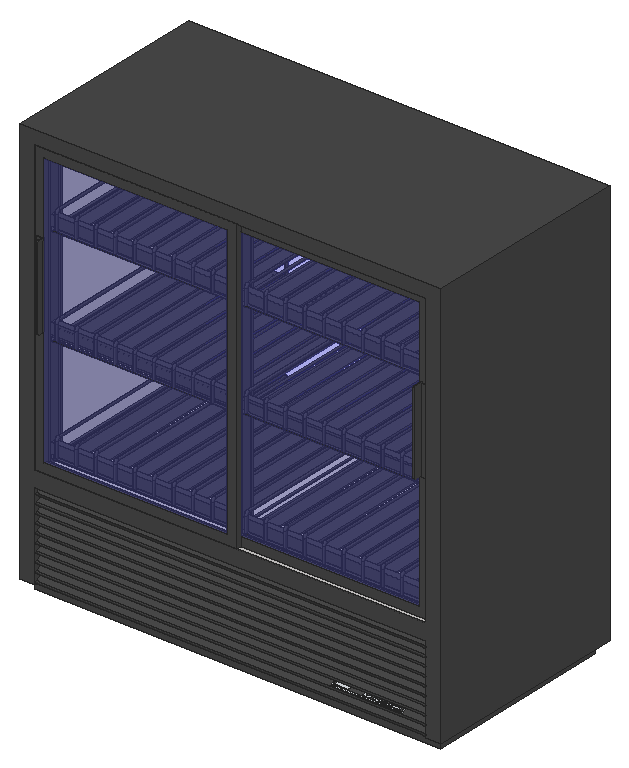
Revit family "QF_TRUE_GDM-41CPT-48-HC-LD", category Specialty Equipment, Revit 2016 (continued)
Definition of nested family "GDM-41CPT-48-HC-LD"
  Forms (in)
    Extrusion 78, solid, material <- "Materials and Finishes"
      sketch origin (48, 0, 12) x (0, 1, 0) y (0, 0, -1)
        loop
          line (-22.64, -14.49912) -> (-22.64, -15.68264) -> (-21.89, -15.68264) -> (-21.89, -14.49912) -> (-22.64, -14.49912)
      from 45.71875 to 24.125
    Extrusion 79, solid, material <- "Materials and Finishes"
      sketch origin (48, 0, 12.25) x (0, 1, 0) y (0, 0, -1)
        loop
          line (-22.64, -14.49912) -> (-22.64, -15.68264) -> (-21.89, -15.68264) -> (-21.89, -14.49912) -> (-22.64, -14.49912)
      from 45.71875 to 24.125
    Sweep 80, solid, material <- "Materials and Finishes"
      path origin (0, 0, 37.625) x (1, 0, 0) y (0, 1, 0)
        loop
          arc (24.40625, -22.41604) -> (24.5343, -22.72519) -> (24.84345, -22.85324) r 0.4372
          line (24.84345, -22.85324) -> (45, -22.85324)
          arc (45, -22.85324) -> (45.30936, -22.7251) -> (45.4375, -22.41574) r 0.4375
          line (45.4375, -22.41574) -> (45.4375, -1.64676)
          arc (45.4375, -1.64676) -> (45.30936, -1.3374) -> (45, -1.20926) r 0.4375
          line (45, -1.20926) -> (24.84345, -1.20926)
          arc (24.84345, -1.20926) -> (24.5343, -1.33731) -> (24.40625, -1.64646) r 0.4372
          line (24.40625, -1.64646) -> (24.40625, -22.41604)
      profile origin (24.40625, -12.03125, 37.625) x (-1, 0, 0) y (0, 0, 1)
        loop
          circle (0, 0) r 0.125
    Extrusion 81, solid, material <- "Materials and Finishes"
      sketch origin (0, 0, 23.25) x (0, 1, 0) y (0, 0, 1)
        loop
          line (-22.64, 14.49912) -> (-21.89, 14.49912) -> (-21.89, 15.68264) -> (-22.64, 15.68264) -> (-22.64, 14.49912)
      from 45.71875 to 24.125
    Extrusion 82, solid, material <- "Materials and Finishes"
      sketch origin (0, 0, 23.25) x (1, 0, 0) y (0, 0, 1)
        loop
          line (25.16434, 14.49912) -> (26.66434, 14.49912) -> (26.66434, 14.62412) -> (25.16434, 14.62412) -> (25.16434, 14.49912)
        loop
          line (27.38309, 14.49912) -> (28.88309, 14.49912) -> (28.88309, 14.62412) -> (27.38309, 14.62412) -> (27.38309, 14.49912)
        loop
          line (29.60184, 14.49912) -> (31.10184, 14.49912) -> (31.10184, 14.62412) -> (29.60184, 14.62412) -> (29.60184, 14.49912)
        loop
          line (31.82059, 14.49912) -> (33.32059, 14.49912) -> (33.32059, 14.62412) -> (31.82059, 14.62412) -> (31.82059, 14.49912)
        loop
          line (34.03934, 14.49912) -> (35.53934, 14.49912) -> (35.53934, 14.62412) -> (34.03934, 14.62412) -> (34.03934, 14.49912)
        loop
          line (36.25809, 14.49912) -> (37.75809, 14.49912) -> (37.75809, 14.62412) -> (36.25809, 14.62412) -> (36.25809, 14.49912)
        loop
          line (38.47684, 14.49912) -> (39.97684, 14.49912) -> (39.97684, 14.62412) -> (38.47684, 14.62412) -> (38.47684, 14.49912)
        loop
          line (40.69559, 14.49912) -> (42.19559, 14.49912) -> (42.19559, 14.62412) -> (40.69559, 14.62412) -> (40.69559, 14.49912)
        loop
          line (42.91434, 14.49912) -> (44.41434, 14.49912) -> (44.41434, 14.62412) -> (42.91434, 14.62412) -> (42.91434, 14.49912)
      from 21.89 to 1.08426
    Sweep 83, solid, material <- "Materials and Finishes"
      path origin (27.03125, 0, 23.25) x (0, 1, 0) y (0, 0, 1)
        loop
          line (-22.85067, 14.3535) -> (-22.85067, 16.24933)
          arc (-22.85067, 16.24933) -> (-22.77745, 16.4261) -> (-22.60067, 16.49933) r 0.25
          line (-22.60067, 16.49933) -> (-1.46183, 16.49933)
          arc (-1.46183, 16.49933) -> (-1.28505, 16.4261) -> (-1.21183, 16.24933) r 0.25
          line (-1.21183, 16.24933) -> (-1.21183, 14.3535)
      profile origin (27.03125, -22.85067, 38.55141) x (0, -1, 0) y (1, 0, 0)
        loop
          circle (0, 0) r 0.125
    Sweep 84, solid, material <- "Materials and Finishes"
      path origin (29.25, 0, 23.25) x (0, 1, 0) y (0, 0, 1)
        loop
          line (-22.85067, 14.3535) -> (-22.85067, 16.24933)
          arc (-22.85067, 16.24933) -> (-22.77745, 16.4261) -> (-22.60067, 16.49933) r 0.25
          line (-22.60067, 16.49933) -> (-1.46183, 16.49933)
          arc (-1.46183, 16.49933) -> (-1.28505, 16.4261) -> (-1.21183, 16.24933) r 0.25
          line (-1.21183, 16.24933) -> (-1.21183, 14.3535)
      profile origin (29.25, -22.85067, 38.55141) x (0, -1, 0) y (1, 0, 0)
        loop
          circle (0, 0) r 0.125
    Sweep 85, solid, material <- "Materials and Finishes"
      path origin (31.46875, 0, 23.25) x (0, 1, 0) y (0, 0, 1)
        loop
          line (-22.85067, 14.3535) -> (-22.85067, 16.24933)
          arc (-22.85067, 16.24933) -> (-22.77745, 16.4261) -> (-22.60067, 16.49933) r 0.25
          line (-22.60067, 16.49933) -> (-1.46183, 16.49933)
          arc (-1.46183, 16.49933) -> (-1.28505, 16.4261) -> (-1.21183, 16.24933) r 0.25
          line (-1.21183, 16.24933) -> (-1.21183, 14.3535)
      profile origin (31.46875, -22.85067, 38.55141) x (0, -1, 0) y (1, 0, 0)
        loop
          circle (0, 0) r 0.125
    Sweep 86, solid, material <- "Materials and Finishes"
      path origin (33.6875, 0, 23.25) x (0, 1, 0) y (0, 0, 1)
        loop
          line (-22.85067, 14.3535) -> (-22.85067, 16.24933)
          arc (-22.85067, 16.24933) -> (-22.77745, 16.4261) -> (-22.60067, 16.49933) r 0.25
          line (-22.60067, 16.49933) -> (-1.46183, 16.49933)
          arc (-1.46183, 16.49933) -> (-1.28505, 16.4261) -> (-1.21183, 16.24933) r 0.25
          line (-1.21183, 16.24933) -> (-1.21183, 14.3535)
      profile origin (33.6875, -22.85067, 38.55141) x (0, -1, 0) y (1, 0, 0)
        loop
          circle (0, 0) r 0.125
    Sweep 87, solid, material <- "Materials and Finishes"
      path origin (35.90625, 0, 23.25) x (0, 1, 0) y (0, 0, 1)
        loop
          line (-22.85067, 14.3535) -> (-22.85067, 16.24933)
          arc (-22.85067, 16.24933) -> (-22.77745, 16.4261) -> (-22.60067, 16.49933) r 0.25
          line (-22.60067, 16.49933) -> (-1.46183, 16.49933)
          arc (-1.46183, 16.49933) -> (-1.28505, 16.4261) -> (-1.21183, 16.24933) r 0.25
          line (-1.21183, 16.24933) -> (-1.21183, 14.3535)
      profile origin (35.90625, -22.85067, 38.55141) x (0, -1, 0) y (1, 0, 0)
        loop
          circle (0, 0) r 0.125
    Sweep 88, solid, material <- "Materials and Finishes"
      path origin (38.125, 0, 23.25) x (0, 1, 0) y (0, 0, 1)
        loop
          line (-22.85067, 14.3535) -> (-22.85067, 16.24933)
          arc (-22.85067, 16.24933) -> (-22.77745, 16.4261) -> (-22.60067, 16.49933) r 0.25
          line (-22.60067, 16.49933) -> (-1.46183, 16.49933)
          arc (-1.46183, 16.49933) -> (-1.28505, 16.4261) -> (-1.21183, 16.24933) r 0.25
          line (-1.21183, 16.24933) -> (-1.21183, 14.3535)
      profile origin (38.125, -22.85067, 38.55141) x (0, -1, 0) y (1, 0, 0)
        loop
          circle (0, 0) r 0.125
    Sweep 89, solid, material <- "Materials and Finishes"
      path origin (40.34375, 0, 23.25) x (0, 1, 0) y (0, 0, 1)
        loop
          line (-22.85067, 14.3535) -> (-22.85067, 16.24933)
          arc (-22.85067, 16.24933) -> (-22.77745, 16.4261) -> (-22.60067, 16.49933) r 0.25
          line (-22.60067, 16.49933) -> (-1.46183, 16.49933)
          arc (-1.46183, 16.49933) -> (-1.28505, 16.4261) -> (-1.21183, 16.24933) r 0.25
          line (-1.21183, 16.24933) -> (-1.21183, 14.3535)
      profile origin (40.34375, -22.85067, 38.55141) x (0, -1, 0) y (1, 0, 0)
        loop
          circle (0, 0) r 0.125
    Sweep 90, solid, material <- "Materials and Finishes"
      path origin (42.5625, 0, 23.25) x (0, 1, 0) y (0, 0, 1)
        loop
          line (-22.85067, 14.3535) -> (-22.85067, 16.24933)
          arc (-22.85067, 16.24933) -> (-22.77745, 16.4261) -> (-22.60067, 16.49933) r 0.25
          line (-22.60067, 16.49933) -> (-1.46183, 16.49933)
          arc (-1.46183, 16.49933) -> (-1.28505, 16.4261) -> (-1.21183, 16.24933) r 0.25
          line (-1.21183, 16.24933) -> (-1.21183, 14.3535)
      profile origin (42.5625, -22.85067, 38.55141) x (0, -1, 0) y (1, 0, 0)
        loop
          circle (0, 0) r 0.125
    Sweep 91, solid, material <- "Materials and Finishes"
      path origin (44.78125, 0, 23.25) x (0, 1, 0) y (0, 0, 1)
        loop
          line (-22.85067, 14.3535) -> (-22.85067, 16.24933)
          arc (-22.85067, 16.24933) -> (-22.77745, 16.4261) -> (-22.60067, 16.49933) r 0.25
          line (-22.60067, 16.49933) -> (-1.46183, 16.49933)
          arc (-1.46183, 16.49933) -> (-1.28505, 16.4261) -> (-1.21183, 16.24933) r 0.25
          line (-1.21183, 16.24933) -> (-1.21183, 14.3535)
      profile origin (44.78125, -22.85067, 38.55141) x (0, -1, 0) y (1, 0, 0)
        loop
          circle (0, 0) r 0.125
    Sweep 92, solid, material <- "Materials and Finishes"
      path origin (24.8125, 0, 23.25) x (0, 1, 0) y (0, 0, 1)
        loop
          line (-22.85067, 14.3535) -> (-22.85067, 16.24933)
          arc (-22.85067, 16.24933) -> (-22.77745, 16.4261) -> (-22.60067, 16.49933) r 0.25
          line (-22.60067, 16.49933) -> (-1.46183, 16.49933)
          arc (-1.46183, 16.49933) -> (-1.28505, 16.4261) -> (-1.21183, 16.24933) r 0.25
          line (-1.21183, 16.24933) -> (-1.21183, 14.3535)
      profile origin (24.8125, -22.85067, 38.55141) x (0, -1, 0) y (1, 0, 0)
        loop
          circle (0, 0) r 0.125
    Sweep 93, solid, material <- "Materials and Finishes"
      path origin (0, 0, 37.625) x (1, 0, 0) y (0, 1, 0)
        loop
          line (23.59375, -22.41604) -> (23.59375, -1.64646)
          arc (23.59375, -1.64646) -> (23.4657, -1.33731) -> (23.15655, -1.20926) r 0.4372
          line (23.15655, -1.20926) -> (3, -1.20926)
          arc (3, -1.20926) -> (2.69064, -1.3374) -> (2.5625, -1.64676) r 0.4375
          line (2.5625, -1.64676) -> (2.5625, -22.41574)
          arc (2.5625, -22.41574) -> (2.69064, -22.7251) -> (3, -22.85324) r 0.4375
          line (3, -22.85324) -> (23.15655, -22.85324)
          arc (23.15655, -22.85324) -> (23.4657, -22.72519) -> (23.59375, -22.41604) r 0.4372
      profile origin (23.59375, -12.03125, 37.625) x (-1, 0, 0) y (0, 0, 1)
        loop
          circle (0, 0) r 0.125
    Extrusion 94, solid, material <- "Materials and Finishes"
      sketch origin (0, 0, 23.25) x (0, 1, 0) y (0, 0, 1)
        loop
          line (-22.64, 14.49912) -> (-21.89, 14.49912) -> (-21.89, 15.68264) -> (-22.64, 15.68264) -> (-22.64, 14.49912)
      from 45.71875 to 24.125
    Extrusion 95, solid, material <- "Materials and Finishes"
      sketch origin (0, 0, 23.25) x (1, 0, 0) y (0, 0, 1)
        loop
          line (22.83566, 14.49912) -> (22.83566, 14.62412) -> (21.33566, 14.62412) -> (21.33566, 14.49912) -> (22.83566, 14.49912)
        loop
          line (20.61691, 14.49912) -> (20.61691, 14.62412) -> (19.11691, 14.62412) -> (19.11691, 14.49912) -> (20.61691, 14.49912)
        loop
          line (18.39816, 14.49912) -> (18.39816, 14.62412) -> (16.89816, 14.62412) -> (16.89816, 14.49912) -> (18.39816, 14.49912)
        loop
          line (16.17941, 14.49912) -> (16.17941, 14.62412) -> (14.67941, 14.62412) -> (14.67941, 14.49912) -> (16.17941, 14.49912)
        loop
          line (13.96066, 14.49912) -> (13.96066, 14.62412) -> (12.46066, 14.62412) -> (12.46066, 14.49912) -> (13.96066, 14.49912)
        loop
          line (11.74191, 14.49912) -> (11.74191, 14.62412) -> (10.24191, 14.62412) -> (10.24191, 14.49912) -> (11.74191, 14.49912)
        loop
          line (9.52316, 14.49912) -> (9.52316, 14.62412) -> (8.02316, 14.62412) -> (8.02316, 14.49912) -> (9.52316, 14.49912)
        loop
          line (7.30441, 14.49912) -> (7.30441, 14.62412) -> (5.80441, 14.62412) -> (5.80441, 14.49912) -> (7.30441, 14.49912)
        loop
          line (5.08566, 14.49912) -> (5.08566, 14.62412) -> (3.58566, 14.62412) -> (3.58566, 14.49912) -> (5.08566, 14.49912)
      from 21.89 to 1.08426
    Sweep 96, solid, material <- "Materials and Finishes"
      path origin (27.03125, 0, 23.25) x (0, 1, 0) y (0, 0, 1)
        loop
          line (-22.85067, 14.3535) -> (-22.85067, 16.24933)
          arc (-22.85067, 16.24933) -> (-22.77745, 16.4261) -> (-22.60067, 16.49933) r 0.25
          line (-22.60067, 16.49933) -> (-1.46183, 16.49933)
          arc (-1.46183, 16.49933) -> (-1.28505, 16.4261) -> (-1.21183, 16.24933) r 0.25
          line (-1.21183, 16.24933) -> (-1.21183, 14.3535)
      profile origin (27.03125, -22.85067, 38.55141) x (0, -1, 0) y (1, 0, 0)
        loop
          circle (0, -6.0625) r 0.125
    Sweep 97, solid, material <- "Materials and Finishes"
      path origin (29.25, 0, 23.25) x (0, 1, 0) y (0, 0, 1)
        loop
          line (-22.85067, 14.3535) -> (-22.85067, 16.24933)
          arc (-22.85067, 16.24933) -> (-22.77745, 16.4261) -> (-22.60067, 16.49933) r 0.25
          line (-22.60067, 16.49933) -> (-1.46183, 16.49933)
          arc (-1.46183, 16.49933) -> (-1.28505, 16.4261) -> (-1.21183, 16.24933) r 0.25
          line (-1.21183, 16.24933) -> (-1.21183, 14.3535)
      profile origin (29.25, -22.85067, 38.55141) x (0, -1, 0) y (1, 0, 0)
        loop
          circle (0, -10.5) r 0.125
    Sweep 98, solid, material <- "Materials and Finishes"
      path origin (31.46875, 0, 23.25) x (0, 1, 0) y (0, 0, 1)
        loop
          line (-22.85067, 14.3535) -> (-22.85067, 16.24933)
          arc (-22.85067, 16.24933) -> (-22.77745, 16.4261) -> (-22.60067, 16.49933) r 0.25
          line (-22.60067, 16.49933) -> (-1.46183, 16.49933)
          arc (-1.46183, 16.49933) -> (-1.28505, 16.4261) -> (-1.21183, 16.24933) r 0.25
          line (-1.21183, 16.24933) -> (-1.21183, 14.3535)
      profile origin (31.46875, -22.85067, 38.55141) x (0, -1, 0) y (1, 0, 0)
        loop
          circle (0, -14.9375) r 0.125
    Sweep 99, solid, material <- "Materials and Finishes"
      path origin (33.6875, 0, 23.25) x (0, 1, 0) y (0, 0, 1)
        loop
          line (-22.85067, 14.3535) -> (-22.85067, 16.24933)
          arc (-22.85067, 16.24933) -> (-22.77745, 16.4261) -> (-22.60067, 16.49933) r 0.25
          line (-22.60067, 16.49933) -> (-1.46183, 16.49933)
          arc (-1.46183, 16.49933) -> (-1.28505, 16.4261) -> (-1.21183, 16.24933) r 0.25
          line (-1.21183, 16.24933) -> (-1.21183, 14.3535)
      profile origin (33.6875, -22.85067, 38.55141) x (0, -1, 0) y (1, 0, 0)
        loop
          circle (0, -19.375) r 0.125
    Sweep 100, solid, material <- "Materials and Finishes"
      path origin (35.90625, 0, 23.25) x (0, 1, 0) y (0, 0, 1)
        loop
          line (-22.85067, 14.3535) -> (-22.85067, 16.24933)
          arc (-22.85067, 16.24933) -> (-22.77745, 16.4261) -> (-22.60067, 16.49933) r 0.25
          line (-22.60067, 16.49933) -> (-1.46183, 16.49933)
          arc (-1.46183, 16.49933) -> (-1.28505, 16.4261) -> (-1.21183, 16.24933) r 0.25
          line (-1.21183, 16.24933) -> (-1.21183, 14.3535)
      profile origin (35.90625, -22.85067, 38.55141) x (0, -1, 0) y (1, 0, 0)
        loop
          circle (0, -23.8125) r 0.125
    Sweep 101, solid, material <- "Materials and Finishes"
      path origin (38.125, 0, 23.25) x (0, 1, 0) y (0, 0, 1)
        loop
          line (-22.85067, 14.3535) -> (-22.85067, 16.24933)
          arc (-22.85067, 16.24933) -> (-22.77745, 16.4261) -> (-22.60067, 16.49933) r 0.25
          line (-22.60067, 16.49933) -> (-1.46183, 16.49933)
          arc (-1.46183, 16.49933) -> (-1.28505, 16.4261) -> (-1.21183, 16.24933) r 0.25
          line (-1.21183, 16.24933) -> (-1.21183, 14.3535)
      profile origin (38.125, -22.85067, 38.55141) x (0, -1, 0) y (1, 0, 0)
        loop
          circle (0, -28.25) r 0.125
    Sweep 102, solid, material <- "Materials and Finishes"
      path origin (40.34375, 0, 23.25) x (0, 1, 0) y (0, 0, 1)
        loop
          line (-22.85067, 14.3535) -> (-22.85067, 16.24933)
          arc (-22.85067, 16.24933) -> (-22.77745, 16.4261) -> (-22.60067, 16.49933) r 0.25
          line (-22.60067, 16.49933) -> (-1.46183, 16.49933)
          arc (-1.46183, 16.49933) -> (-1.28505, 16.4261) -> (-1.21183, 16.24933) r 0.25
          line (-1.21183, 16.24933) -> (-1.21183, 14.3535)
      profile origin (40.34375, -22.85067, 38.55141) x (0, -1, 0) y (1, 0, 0)
        loop
          circle (0, -32.6875) r 0.125
    Sweep 103, solid, material <- "Materials and Finishes"
      path origin (42.5625, 0, 23.25) x (0, 1, 0) y (0, 0, 1)
        loop
          line (-22.85067, 14.3535) -> (-22.85067, 16.24933)
          arc (-22.85067, 16.24933) -> (-22.77745, 16.4261) -> (-22.60067, 16.49933) r 0.25
          line (-22.60067, 16.49933) -> (-1.46183, 16.49933)
          arc (-1.46183, 16.49933) -> (-1.28505, 16.4261) -> (-1.21183, 16.24933) r 0.25
          line (-1.21183, 16.24933) -> (-1.21183, 14.3535)
      profile origin (42.5625, -22.85067, 38.55141) x (0, -1, 0) y (1, 0, 0)
        loop
          circle (0, -37.125) r 0.125
    Sweep 104, solid, material <- "Materials and Finishes"
      path origin (44.78125, 0, 23.25) x (0, 1, 0) y (0, 0, 1)
        loop
          line (-22.85067, 14.3535) -> (-22.85067, 16.24933)
          arc (-22.85067, 16.24933) -> (-22.77745, 16.4261) -> (-22.60067, 16.49933) r 0.25
          line (-22.60067, 16.49933) -> (-1.46183, 16.49933)
          arc (-1.46183, 16.49933) -> (-1.28505, 16.4261) -> (-1.21183, 16.24933) r 0.25
          line (-1.21183, 16.24933) -> (-1.21183, 14.3535)
      profile origin (44.78125, -22.85067, 38.55141) x (0, -1, 0) y (1, 0, 0)
        loop
          circle (0, -41.5625) r 0.125
    Sweep 105, solid, material <- "Materials and Finishes"
      path origin (24.8125, 0, 23.25) x (0, 1, 0) y (0, 0, 1)
        loop
          line (-22.85067, 14.3535) -> (-22.85067, 16.24933)
          arc (-22.85067, 16.24933) -> (-22.77745, 16.4261) -> (-22.60067, 16.49933) r 0.25
          line (-22.60067, 16.49933) -> (-1.46183, 16.49933)
          arc (-1.46183, 16.49933) -> (-1.28505, 16.4261) -> (-1.21183, 16.24933) r 0.25
          line (-1.21183, 16.24933) -> (-1.21183, 14.3535)
      profile origin (24.8125, -22.85067, 38.55141) x (0, -1, 0) y (1, 0, 0)
        loop
          circle (0, -1.625) r 0.125
    Extrusion 106, solid, material <- "Materials and Finishes"
      sketch origin (48, 0, 23.25) x (0, 1, 0) y (0, 0, -1)
        loop
          line (-22.64, -14.49912) -> (-22.64, -15.68264) -> (-21.89, -15.68264) -> (-21.89, -14.49912) -> (-22.64, -14.49912)
      from 45.71875 to 24.125
    Extrusion 107, solid, material <- "Materials and Finishes"
      sketch origin (48, 0, 23.25) x (0, 1, 0) y (0, 0, -1)
        loop
          line (-22.64, -14.49912) -> (-22.64, -15.68264) -> (-21.89, -15.68264) -> (-21.89, -14.49912) -> (-22.64, -14.49912)
      from 45.71875 to 24.125
    Extrusion 108, solid
      sketch origin (0, 0, 0) x (1, 0, 0) y (0, 1, 0)
        loop
          circle (24, -12.03125) r 0.5
      from 0.55726 to 0.39616
    Revolve 109, solid, visible <- "Show Default Legs"
      sketch origin (0, -2.75, 0) x (1, 0, 0) y (0, 0, 1)
        loop
          line (46.39877, 0) -> (46.39877, 0.3125) -> (45.27377, 0.3125) -> (45.27377, 0) -> (46.39877, 0)
        axis (45.27377, 0) -> (45.27377, 0.3125)
      angle from 0 to 360
    Revolve 110, solid, visible <- "Show Default Legs"
      sketch origin (48, -2.75, 0) x (-1, 0, 0) y (0, 0, 1)
        loop
          line (46.39877, 0) -> (46.39877, 0.3125) -> (45.27377, 0.3125) -> (45.27377, 0) -> (46.39877, 0)
        axis (45.27377, 0) -> (45.27377, 0.3125)
      angle from 0 to 360
    Revolve 111, solid, visible <- "Show Default Legs"
      sketch origin (0, -21.3125, 0) x (1, 0, 0) y (0, 0, -1)
        loop
          line (46.39877, 0) -> (45.27377, 0) -> (45.27377, -0.3125) -> (46.39877, -0.3125) -> (46.39877, 0)
        axis (45.27377, 0) -> (45.27377, -0.3125)
      angle from 0 to 360
    Revolve 112, solid, visible <- "Show Default Legs"
      sketch origin (48, -21.3125, 0) x (-1, 0, 0) y (0, 0, 1)
        loop
          line (46.39877, 0) -> (46.39877, 0.3125) -> (45.27377, 0.3125) -> (45.27377, 0) -> (46.39877, 0)
        axis (45.27377, 0) -> (45.27377, 0.3125)
      angle from 0 to 360
  Lines and regions (in)
    symbolic lines
      curve 1: line (0, 0, 0) -> (48, 0, 0)
      curve 2: line (0, -24.0625, 0) -> (0, 0, 0)
      curve 3: line (48, -24.0625, 0) -> (0, -24.0625, 0)
      curve 4: line (48, 0, 0) -> (48, -24.0625, 0)
      curve 5: line (45.25, 0.8125, 0) -> (45.25, 0, 0)
      curve 6: line (45.25, 0.8125, 0) -> (45.375, 0.8125, 0)
      curve 7: line (45.375, 0.8125, 0) -> (45.375, 0.125, 0)
      curve 8: line (45.375, 0.125, 0) -> (46, 0.125, 0)
      curve 9: line (46, 0.125, 0) -> (46, 0, 0)
      curve 10: line (2.625, 0.5, 0) -> (2.625, 0, 0)
      curve 11: line (2.625, 0.5, 0) -> (2.75, 0.5, 0)
      curve 12: line (2.75, 0.5, 0) -> (2.75, 0, 0)
      curve 13: line (2, -24.1875, 0) -> (2, -24.0625, 0)
      curve 14: line (2, -24.1875, 0) -> (2.625, -24.1875, 0)
      curve 15: line (2.625, -24.1875, 0) -> (2.625, -24.875, 0)
      curve 16: line (2.625, -24.875, 0) -> (2.75, -24.875, 0)
      curve 17: line (2.75, -24.875, 0) -> (2.75, -24.0625, 0)
      curve 18: line (45.375, -24.5625, 0) -> (45.25, -24.5625, 0)
      curve 19: line (45.25, -24.5625, 0) -> (45.25, -24.0625, 0)
      curve 20: line (45.375, -24.5625, 0) -> (45.375, -24.0625, 0)
  Dimensions and locks (in)
    equal spacing: plane 3 "LEFT", plane 7 "Center Y", plane 4 "RIGHT"
    "Length": plane 3 "LEFT" to plane 4 "RIGHT"
    equal spacing: plane 5 "FRONT", plane 8 "Center X", plane 1 "BACK"
    "Depth": plane 5 "FRONT" to plane 1 "BACK"
    "Height": plane 6 "TOP" to level
    plane 5 "FRONT" to plane 1 "BACK" = 24 1/16"
    plane 4 "RIGHT" to plane 3 "LEFT" = 48"
    plane 9 to plane 2 = 5/16"
    plane 11 to plane 10 = 25 11/16"
    aligned and locked: plane 2 to level
  Automatic sketch dimensions
    Sweep 24 sketch curve to profile plane = 0"  (x2)
    Sweep 27 sketch curve to profile plane = 0"  (x2)
    Sweep 28 sketch curve to profile plane = 0"  (x2)
    Sweep 29 sketch curve to profile plane = 0"  (x2)
    Sweep 30 sketch curve to profile plane = 0"  (x2)
    Sweep 31 sketch curve to profile plane = 0"  (x2)
    Sweep 32 sketch curve to profile plane = 0"  (x2)
    Sweep 33 sketch curve to profile plane = 0"  (x2)
    Sweep 34 sketch curve to profile plane = 0"  (x2)
    Sweep 35 sketch curve to profile plane = 0"  (x2)
    Sweep 36 sketch curve to profile plane = 0"  (x2)
    Sweep 37 sketch curve to profile plane = 0"  (x2)
    Sweep 40 sketch curve to profile plane = 0"
    Sweep 40 sketch curve to profile plane = 6 1/16"
    Sweep 41 sketch curve to profile plane = 0"
    Sweep 41 sketch curve to profile plane = 10 1/2"
    Sweep 42 sketch curve to profile plane = 0"
    Sweep 42 sketch curve to profile plane = 14 15/16"
    Sweep 43 sketch curve to profile plane = 0"
    Sweep 43 sketch curve to profile plane = 19 3/8"
    Sweep 44 sketch curve to profile plane = 0"
    Sweep 44 sketch curve to profile plane = 23 13/16"
    Sweep 45 sketch curve to profile plane = 0"
    Sweep 45 sketch curve to profile plane = 28 1/4"
    Sweep 46 sketch curve to profile plane = 0"
    Sweep 46 sketch curve to profile plane = 32 11/16"
    Sweep 47 sketch curve to profile plane = 0"
    Sweep 47 sketch curve to profile plane = 37 1/8"
    Sweep 48 sketch curve to profile plane = 0"
    Sweep 48 sketch curve to profile plane = 41 9/16"
    Sweep 49 sketch curve to profile plane = 0"
    Sweep 49 sketch curve to profile plane = 1 5/8"
    Sweep 37 sketch curve to Sweep 37 sketch curve = 7/16"  (x2)
    Sweep 37 sketch curve to Sweep 37 sketch curve = 20.15655"  (x2)
    Sweep 37 sketch curve to Sweep 37 sketch curve = 0.4372"
    Sweep 37 sketch curve to Sweep 37 sketch curve = 20.76899"
    Extrusion 38 sketch curve to Extrusion 38 sketch curve = 3/4"
    Extrusion 38 sketch curve to Extrusion 38 sketch curve = 1.18352"
    Extrusion 39 sketch curve to Extrusion 39 sketch curve = 1 1/2"  (x9)
    Extrusion 39 sketch curve to Extrusion 39 sketch curve = 23/32"  (x8)
    Extrusion 39 sketch curve to Extrusion 39 sketch curve = 0"  (x8)
    Extrusion 39 sketch curve to Extrusion 39 sketch curve = 1/8"  (x9)
    Sweep 40 sketch curve to Sweep 40 sketch curve = 1/4"  (x2)
    Sweep 40 sketch curve to Sweep 40 sketch curve = 21.13885"
    Sweep 40 sketch curve to Sweep 40 sketch curve = 1.89582"  (x2)
    Sweep 41 sketch curve to Sweep 41 sketch curve = 1/4"  (x2)
    Sweep 41 sketch curve to Sweep 41 sketch curve = 21.13885"
    Sweep 41 sketch curve to Sweep 41 sketch curve = 1.89582"  (x2)
    Sweep 42 sketch curve to Sweep 42 sketch curve = 1/4"  (x2)
    Sweep 42 sketch curve to Sweep 42 sketch curve = 21.13885"
    Sweep 42 sketch curve to Sweep 42 sketch curve = 1.89582"  (x2)
    Sweep 43 sketch curve to Sweep 43 sketch curve = 1/4"  (x2)
    Sweep 43 sketch curve to Sweep 43 sketch curve = 21.13885"
    Sweep 43 sketch curve to Sweep 43 sketch curve = 1.89582"  (x2)
    Sweep 44 sketch curve to Sweep 44 sketch curve = 1/4"  (x2)
    Sweep 44 sketch curve to Sweep 44 sketch curve = 21.13885"
    Sweep 44 sketch curve to Sweep 44 sketch curve = 1.89582"  (x2)
    Sweep 45 sketch curve to Sweep 45 sketch curve = 1/4"  (x2)
    Sweep 45 sketch curve to Sweep 45 sketch curve = 21.13885"
    Sweep 45 sketch curve to Sweep 45 sketch curve = 1.89582"  (x2)
    Sweep 46 sketch curve to Sweep 46 sketch curve = 1/4"  (x2)
    Sweep 46 sketch curve to Sweep 46 sketch curve = 21.13885"
    Sweep 46 sketch curve to Sweep 46 sketch curve = 1.89582"  (x2)
    Sweep 47 sketch curve to Sweep 47 sketch curve = 1/4"  (x2)
    Sweep 47 sketch curve to Sweep 47 sketch curve = 21.13885"
    Sweep 47 sketch curve to Sweep 47 sketch curve = 1.89582"  (x2)
    Sweep 48 sketch curve to Sweep 48 sketch curve = 1/4"  (x2)
    Sweep 48 sketch curve to Sweep 48 sketch curve = 21.13885"
    Sweep 48 sketch curve to Sweep 48 sketch curve = 1.89582"  (x2)
    Sweep 49 sketch curve to Sweep 49 sketch curve = 1/4"  (x2)
    Sweep 49 sketch curve to Sweep 49 sketch curve = 21.13885"
    Sweep 49 sketch curve to Sweep 49 sketch curve = 1.89582"  (x2)
    Extrusion 50 sketch curve to Extrusion 50 sketch curve = 3/4"
    Extrusion 50 sketch curve to Extrusion 50 sketch curve = 1.18352"
    Sweep 24 sketch curve to Sweep 24 sketch curve = 7/16"  (x2)
    Sweep 24 sketch curve to Sweep 24 sketch curve = 20.15655"  (x2)
    Sweep 24 sketch curve to Sweep 24 sketch curve = 0.4372"
    Sweep 24 sketch curve to Sweep 24 sketch curve = 20.76899"
    Extrusion 25 sketch curve to Extrusion 25 sketch curve = 3/4"
    Extrusion 25 sketch curve to Extrusion 25 sketch curve = 1.18352"
    Extrusion 26 sketch curve to Extrusion 26 sketch curve = 1 1/2"  (x9)
    Extrusion 26 sketch curve to Extrusion 26 sketch curve = 23/32"  (x8)
    Extrusion 26 sketch curve to Extrusion 26 sketch curve = 0"  (x8)
    Extrusion 26 sketch curve to Extrusion 26 sketch curve = 1/8"  (x9)
    Sweep 27 sketch curve to Sweep 27 sketch curve = 1/4"  (x2)
    Sweep 27 sketch curve to Sweep 27 sketch curve = 21.13885"
    Sweep 27 sketch curve to Sweep 27 sketch curve = 1.89582"  (x2)
    Sweep 28 sketch curve to Sweep 28 sketch curve = 1/4"  (x2)
    Sweep 28 sketch curve to Sweep 28 sketch curve = 21.13885"
    Sweep 28 sketch curve to Sweep 28 sketch curve = 1.89582"  (x2)
    Sweep 29 sketch curve to Sweep 29 sketch curve = 1/4"  (x2)
    Sweep 29 sketch curve to Sweep 29 sketch curve = 21.13885"
    Sweep 29 sketch curve to Sweep 29 sketch curve = 1.89582"  (x2)
    Sweep 30 sketch curve to Sweep 30 sketch curve = 1/4"  (x2)
    Sweep 30 sketch curve to Sweep 30 sketch curve = 21.13885"
    Sweep 30 sketch curve to Sweep 30 sketch curve = 1.89582"  (x2)
    Sweep 31 sketch curve to Sweep 31 sketch curve = 1/4"  (x2)
    Sweep 31 sketch curve to Sweep 31 sketch curve = 21.13885"
    Sweep 31 sketch curve to Sweep 31 sketch curve = 1.89582"  (x2)
    Sweep 32 sketch curve to Sweep 32 sketch curve = 1/4"  (x2)
    Sweep 32 sketch curve to Sweep 32 sketch curve = 21.13885"
    Sweep 32 sketch curve to Sweep 32 sketch curve = 1.89582"  (x2)
    Sweep 33 sketch curve to Sweep 33 sketch curve = 1/4"  (x2)
    Sweep 33 sketch curve to Sweep 33 sketch curve = 21.13885"
    Sweep 33 sketch curve to Sweep 33 sketch curve = 1.89582"  (x2)
    Sweep 34 sketch curve to Sweep 34 sketch curve = 1/4"  (x2)
    Sweep 34 sketch curve to Sweep 34 sketch curve = 21.13885"
    Sweep 34 sketch curve to Sweep 34 sketch curve = 1.89582"  (x2)
    Sweep 35 sketch curve to Sweep 35 sketch curve = 1/4"  (x2)
    Sweep 35 sketch curve to Sweep 35 sketch curve = 21.13885"
    Sweep 35 sketch curve to Sweep 35 sketch curve = 1.89582"  (x2)
    Sweep 36 sketch curve to Sweep 36 sketch curve = 1/4"  (x2)
    Sweep 36 sketch curve to Sweep 36 sketch curve = 21.13885"
    Sweep 36 sketch curve to Sweep 36 sketch curve = 1.89582"  (x2)
    Extrusion 51 sketch curve to Extrusion 51 sketch curve = 3/4"
    Extrusion 51 sketch curve to Extrusion 51 sketch curve = 1.18352"
    Sweep 52 sketch curve to profile plane = 0"  (x2)
    Sweep 55 sketch curve to profile plane = 0"  (x2)
    Sweep 56 sketch curve to profile plane = 0"  (x2)
    Sweep 57 sketch curve to profile plane = 0"  (x2)
    Sweep 58 sketch curve to profile plane = 0"  (x2)
    Sweep 59 sketch curve to profile plane = 0"  (x2)
    Sweep 60 sketch curve to profile plane = 0"  (x2)
    Sweep 61 sketch curve to profile plane = 0"  (x2)
    Sweep 62 sketch curve to profile plane = 0"  (x2)
    Sweep 63 sketch curve to profile plane = 0"  (x2)
    Sweep 64 sketch curve to profile plane = 0"  (x2)
    Sweep 65 sketch curve to profile plane = 0"  (x2)
    Sweep 68 sketch curve to profile plane = 0"
    Sweep 68 sketch curve to profile plane = 6 1/16"
    Sweep 69 sketch curve to profile plane = 0"
    Sweep 69 sketch curve to profile plane = 10 1/2"
    Sweep 70 sketch curve to profile plane = 0"
    Sweep 70 sketch curve to profile plane = 14 15/16"
    Sweep 71 sketch curve to profile plane = 0"
    Sweep 71 sketch curve to profile plane = 19 3/8"
    Sweep 72 sketch curve to profile plane = 0"
    Sweep 72 sketch curve to profile plane = 23 13/16"
    Sweep 73 sketch curve to profile plane = 0"
    Sweep 73 sketch curve to profile plane = 28 1/4"
    Sweep 74 sketch curve to profile plane = 0"
    Sweep 74 sketch curve to profile plane = 32 11/16"
    Sweep 75 sketch curve to profile plane = 0"
    Sweep 75 sketch curve to profile plane = 37 1/8"
    Sweep 76 sketch curve to profile plane = 0"
    Sweep 76 sketch curve to profile plane = 41 9/16"
    Sweep 77 sketch curve to profile plane = 0"
    Sweep 77 sketch curve to profile plane = 1 5/8"
    Sweep 65 sketch curve to Sweep 65 sketch curve = 7/16"  (x2)
    Sweep 65 sketch curve to Sweep 65 sketch curve = 20.15655"  (x2)
    Sweep 65 sketch curve to Sweep 65 sketch curve = 0.4372"
    Sweep 65 sketch curve to Sweep 65 sketch curve = 20.76899"
    Extrusion 66 sketch curve to Extrusion 66 sketch curve = 3/4"
    Extrusion 66 sketch curve to Extrusion 66 sketch curve = 1.18352"
    Extrusion 67 sketch curve to Extrusion 67 sketch curve = 1 1/2"  (x9)
    Extrusion 67 sketch curve to Extrusion 67 sketch curve = 23/32"  (x8)
    Extrusion 67 sketch curve to Extrusion 67 sketch curve = 0"  (x8)
    Extrusion 67 sketch curve to Extrusion 67 sketch curve = 1/8"  (x9)
    Sweep 68 sketch curve to Sweep 68 sketch curve = 1/4"  (x2)
    Sweep 68 sketch curve to Sweep 68 sketch curve = 21.13885"
    Sweep 68 sketch curve to Sweep 68 sketch curve = 1.89582"  (x2)
    Sweep 69 sketch curve to Sweep 69 sketch curve = 1/4"  (x2)
    Sweep 69 sketch curve to Sweep 69 sketch curve = 21.13885"
    Sweep 69 sketch curve to Sweep 69 sketch curve = 1.89582"  (x2)
    Sweep 70 sketch curve to Sweep 70 sketch curve = 1/4"  (x2)
    Sweep 70 sketch curve to Sweep 70 sketch curve = 21.13885"
    Sweep 70 sketch curve to Sweep 70 sketch curve = 1.89582"  (x2)
    Sweep 71 sketch curve to Sweep 71 sketch curve = 1/4"  (x2)
    Sweep 71 sketch curve to Sweep 71 sketch curve = 21.13885"
    Sweep 71 sketch curve to Sweep 71 sketch curve = 1.89582"  (x2)
    Sweep 72 sketch curve to Sweep 72 sketch curve = 1/4"  (x2)
    Sweep 72 sketch curve to Sweep 72 sketch curve = 21.13885"
    Sweep 72 sketch curve to Sweep 72 sketch curve = 1.89582"  (x2)
    Sweep 73 sketch curve to Sweep 73 sketch curve = 1/4"  (x2)
    Sweep 73 sketch curve to Sweep 73 sketch curve = 21.13885"
    Sweep 73 sketch curve to Sweep 73 sketch curve = 1.89582"  (x2)
    Sweep 74 sketch curve to Sweep 74 sketch curve = 1/4"  (x2)
    Sweep 74 sketch curve to Sweep 74 sketch curve = 21.13885"
    Sweep 74 sketch curve to Sweep 74 sketch curve = 1.89582"  (x2)
    Sweep 75 sketch curve to Sweep 75 sketch curve = 1/4"  (x2)
    Sweep 75 sketch curve to Sweep 75 sketch curve = 21.13885"
    Sweep 75 sketch curve to Sweep 75 sketch curve = 1.89582"  (x2)
    Sweep 76 sketch curve to Sweep 76 sketch curve = 1/4"  (x2)
    Sweep 76 sketch curve to Sweep 76 sketch curve = 21.13885"
    Sweep 76 sketch curve to Sweep 76 sketch curve = 1.89582"  (x2)
    Sweep 77 sketch curve to Sweep 77 sketch curve = 1/4"  (x2)
    Sweep 77 sketch curve to Sweep 77 sketch curve = 21.13885"
    Sweep 77 sketch curve to Sweep 77 sketch curve = 1.89582"  (x2)
    Extrusion 78 sketch curve to Extrusion 78 sketch curve = 3/4"
    Extrusion 78 sketch curve to Extrusion 78 sketch curve = 1.18352"
    Sweep 52 sketch curve to Sweep 52 sketch curve = 7/16"  (x2)
    Sweep 52 sketch curve to Sweep 52 sketch curve = 20.15655"  (x2)
    Sweep 52 sketch curve to Sweep 52 sketch curve = 0.4372"
    Sweep 52 sketch curve to Sweep 52 sketch curve = 20.76899"
    Extrusion 53 sketch curve to Extrusion 53 sketch curve = 3/4"
    Extrusion 53 sketch curve to Extrusion 53 sketch curve = 1.18352"
    Extrusion 54 sketch curve to Extrusion 54 sketch curve = 1 1/2"  (x9)
    Extrusion 54 sketch curve to Extrusion 54 sketch curve = 23/32"  (x8)
    Extrusion 54 sketch curve to Extrusion 54 sketch curve = 0"  (x8)
    Extrusion 54 sketch curve to Extrusion 54 sketch curve = 1/8"  (x9)
    Sweep 55 sketch curve to Sweep 55 sketch curve = 1/4"  (x2)
    Sweep 55 sketch curve to Sweep 55 sketch curve = 21.13885"
    Sweep 55 sketch curve to Sweep 55 sketch curve = 1.89582"  (x2)
    Sweep 56 sketch curve to Sweep 56 sketch curve = 1/4"  (x2)
    Sweep 56 sketch curve to Sweep 56 sketch curve = 21.13885"
    Sweep 56 sketch curve to Sweep 56 sketch curve = 1.89582"  (x2)
    Sweep 57 sketch curve to Sweep 57 sketch curve = 1/4"  (x2)
    Sweep 57 sketch curve to Sweep 57 sketch curve = 21.13885"
    Sweep 57 sketch curve to Sweep 57 sketch curve = 1.89582"  (x2)
    Sweep 58 sketch curve to Sweep 58 sketch curve = 1/4"  (x2)
    Sweep 58 sketch curve to Sweep 58 sketch curve = 21.13885"
    Sweep 58 sketch curve to Sweep 58 sketch curve = 1.89582"  (x2)
    Sweep 59 sketch curve to Sweep 59 sketch curve = 1/4"  (x2)
    Sweep 59 sketch curve to Sweep 59 sketch curve = 21.13885"
    Sweep 59 sketch curve to Sweep 59 sketch curve = 1.89582"  (x2)
    Sweep 60 sketch curve to Sweep 60 sketch curve = 1/4"  (x2)
    Sweep 60 sketch curve to Sweep 60 sketch curve = 21.13885"
    Sweep 60 sketch curve to Sweep 60 sketch curve = 1.89582"  (x2)
    Sweep 61 sketch curve to Sweep 61 sketch curve = 1/4"  (x2)
    Sweep 61 sketch curve to Sweep 61 sketch curve = 21.13885"
    Sweep 61 sketch curve to Sweep 61 sketch curve = 1.89582"  (x2)
    Sweep 62 sketch curve to Sweep 62 sketch curve = 1/4"  (x2)
    Sweep 62 sketch curve to Sweep 62 sketch curve = 21.13885"
    Sweep 62 sketch curve to Sweep 62 sketch curve = 1.89582"  (x2)
    Sweep 63 sketch curve to Sweep 63 sketch curve = 1/4"  (x2)
    Sweep 63 sketch curve to Sweep 63 sketch curve = 21.13885"
    Sweep 63 sketch curve to Sweep 63 sketch curve = 1.89582"  (x2)
    Sweep 64 sketch curve to Sweep 64 sketch curve = 1/4"  (x2)
    Sweep 64 sketch curve to Sweep 64 sketch curve = 21.13885"
    Sweep 64 sketch curve to Sweep 64 sketch curve = 1.89582"  (x2)
    Extrusion 79 sketch curve to Extrusion 79 sketch curve = 3/4"
    Extrusion 79 sketch curve to Extrusion 79 sketch curve = 1.18352"
    Sweep 80 sketch curve to profile plane = 0"  (x2)
    Sweep 83 sketch curve to profile plane = 0"  (x2)
    Sweep 84 sketch curve to profile plane = 0"  (x2)
    Sweep 85 sketch curve to profile plane = 0"  (x2)
    Sweep 86 sketch curve to profile plane = 0"  (x2)
    Sweep 87 sketch curve to profile plane = 0"  (x2)
    Sweep 88 sketch curve to profile plane = 0"  (x2)
    Sweep 89 sketch curve to profile plane = 0"  (x2)
    Sweep 90 sketch curve to profile plane = 0"  (x2)
    Sweep 91 sketch curve to profile plane = 0"  (x2)
    Sweep 92 sketch curve to profile plane = 0"  (x2)
    Sweep 93 sketch curve to profile plane = 0"  (x2)
    Sweep 96 sketch curve to profile plane = 0"
    Sweep 96 sketch curve to profile plane = 6 1/16"
    Sweep 97 sketch curve to profile plane = 0"
    Sweep 97 sketch curve to profile plane = 10 1/2"
    Sweep 98 sketch curve to profile plane = 0"
    Sweep 98 sketch curve to profile plane = 14 15/16"
    Sweep 99 sketch curve to profile plane = 0"
    Sweep 99 sketch curve to profile plane = 19 3/8"
    Sweep 100 sketch curve to profile plane = 0"
    Sweep 100 sketch curve to profile plane = 23 13/16"
    Sweep 101 sketch curve to profile plane = 0"
    Sweep 101 sketch curve to profile plane = 28 1/4"
    Sweep 102 sketch curve to profile plane = 0"
    Sweep 102 sketch curve to profile plane = 32 11/16"
    Sweep 103 sketch curve to profile plane = 0"
    Sweep 103 sketch curve to profile plane = 37 1/8"
    Sweep 104 sketch curve to profile plane = 0"
    Sweep 104 sketch curve to profile plane = 41 9/16"
    Sweep 105 sketch curve to profile plane = 0"
    Sweep 105 sketch curve to profile plane = 1 5/8"
    Sweep 93 sketch curve to Sweep 93 sketch curve = 7/16"  (x2)
    Sweep 93 sketch curve to Sweep 93 sketch curve = 20.15655"  (x2)
    Sweep 93 sketch curve to Sweep 93 sketch curve = 0.4372"
    Sweep 93 sketch curve to Sweep 93 sketch curve = 20.76899"
    Extrusion 94 sketch curve to Extrusion 94 sketch curve = 3/4"
    Extrusion 94 sketch curve to Extrusion 94 sketch curve = 1.18352"
    Extrusion 95 sketch curve to Extrusion 95 sketch curve = 1 1/2"  (x9)
    Extrusion 95 sketch curve to Extrusion 95 sketch curve = 23/32"  (x8)
    Extrusion 95 sketch curve to Extrusion 95 sketch curve = 0"  (x8)
    Extrusion 95 sketch curve to Extrusion 95 sketch curve = 1/8"  (x9)
    Sweep 96 sketch curve to Sweep 96 sketch curve = 1/4"  (x2)
    Sweep 96 sketch curve to Sweep 96 sketch curve = 21.13885"
    Sweep 96 sketch curve to Sweep 96 sketch curve = 1.89582"  (x2)
    Sweep 97 sketch curve to Sweep 97 sketch curve = 1/4"  (x2)
    Sweep 97 sketch curve to Sweep 97 sketch curve = 21.13885"
    Sweep 97 sketch curve to Sweep 97 sketch curve = 1.89582"  (x2)
    Sweep 98 sketch curve to Sweep 98 sketch curve = 1/4"  (x2)
    Sweep 98 sketch curve to Sweep 98 sketch curve = 21.13885"
    Sweep 98 sketch curve to Sweep 98 sketch curve = 1.89582"  (x2)
    Sweep 99 sketch curve to Sweep 99 sketch curve = 1/4"  (x2)
    Sweep 99 sketch curve to Sweep 99 sketch curve = 21.13885"
    Sweep 99 sketch curve to Sweep 99 sketch curve = 1.89582"  (x2)
    Sweep 100 sketch curve to Sweep 100 sketch curve = 1/4"  (x2)
    Sweep 100 sketch curve to Sweep 100 sketch curve = 21.13885"
    Sweep 100 sketch curve to Sweep 100 sketch curve = 1.89582"  (x2)
    Sweep 101 sketch curve to Sweep 101 sketch curve = 1/4"  (x2)
    Sweep 101 sketch curve to Sweep 101 sketch curve = 21.13885"
    Sweep 101 sketch curve to Sweep 101 sketch curve = 1.89582"  (x2)
    Sweep 102 sketch curve to Sweep 102 sketch curve = 1/4"  (x2)
    Sweep 102 sketch curve to Sweep 102 sketch curve = 21.13885"
    Sweep 102 sketch curve to Sweep 102 sketch curve = 1.89582"  (x2)
    Sweep 103 sketch curve to Sweep 103 sketch curve = 1/4"  (x2)
    Sweep 103 sketch curve to Sweep 103 sketch curve = 21.13885"
    Sweep 103 sketch curve to Sweep 103 sketch curve = 1.89582"  (x2)
    Sweep 104 sketch curve to Sweep 104 sketch curve = 1/4"  (x2)
    Sweep 104 sketch curve to Sweep 104 sketch curve = 21.13885"
    Sweep 104 sketch curve to Sweep 104 sketch curve = 1.89582"  (x2)
    Sweep 105 sketch curve to Sweep 105 sketch curve = 1/4"  (x2)
    Sweep 105 sketch curve to Sweep 105 sketch curve = 21.13885"
    Sweep 105 sketch curve to Sweep 105 sketch curve = 1.89582"  (x2)
    Extrusion 106 sketch curve to Extrusion 106 sketch curve = 3/4"
    Extrusion 106 sketch curve to Extrusion 106 sketch curve = 1.18352"
    Sweep 80 sketch curve to Sweep 80 sketch curve = 7/16"  (x2)
    Sweep 80 sketch curve to Sweep 80 sketch curve = 20.15655"  (x2)
    Sweep 80 sketch curve to Sweep 80 sketch curve = 0.4372"
    Sweep 80 sketch curve to Sweep 80 sketch curve = 20.76899"
    Extrusion 81 sketch curve to Extrusion 81 sketch curve = 3/4"
    Extrusion 81 sketch curve to Extrusion 81 sketch curve = 1.18352"
    Extrusion 82 sketch curve to Extrusion 82 sketch curve = 1 1/2"  (x9)
    Extrusion 82 sketch curve to Extrusion 82 sketch curve = 23/32"  (x8)
    Extrusion 82 sketch curve to Extrusion 82 sketch curve = 0"  (x8)
    Extrusion 82 sketch curve to Extrusion 82 sketch curve = 1/8"  (x9)
    Sweep 83 sketch curve to Sweep 83 sketch curve = 1/4"  (x2)
    Sweep 83 sketch curve to Sweep 83 sketch curve = 21.13885"
    Sweep 83 sketch curve to Sweep 83 sketch curve = 1.89582"  (x2)
    Sweep 84 sketch curve to Sweep 84 sketch curve = 1/4"  (x2)
    Sweep 84 sketch curve to Sweep 84 sketch curve = 21.13885"
    Sweep 84 sketch curve to Sweep 84 sketch curve = 1.89582"  (x2)
    Sweep 85 sketch curve to Sweep 85 sketch curve = 1/4"  (x2)
    Sweep 85 sketch curve to Sweep 85 sketch curve = 21.13885"
    Sweep 85 sketch curve to Sweep 85 sketch curve = 1.89582"  (x2)
    Sweep 86 sketch curve to Sweep 86 sketch curve = 1/4"  (x2)
    Sweep 86 sketch curve to Sweep 86 sketch curve = 21.13885"
    Sweep 86 sketch curve to Sweep 86 sketch curve = 1.89582"  (x2)
    Sweep 87 sketch curve to Sweep 87 sketch curve = 1/4"  (x2)
    Sweep 87 sketch curve to Sweep 87 sketch curve = 21.13885"
    Sweep 87 sketch curve to Sweep 87 sketch curve = 1.89582"  (x2)
    Sweep 88 sketch curve to Sweep 88 sketch curve = 1/4"  (x2)
    Sweep 88 sketch curve to Sweep 88 sketch curve = 21.13885"
    Sweep 88 sketch curve to Sweep 88 sketch curve = 1.89582"  (x2)
    Sweep 89 sketch curve to Sweep 89 sketch curve = 1/4"  (x2)
    Sweep 89 sketch curve to Sweep 89 sketch curve = 21.13885"
    Sweep 89 sketch curve to Sweep 89 sketch curve = 1.89582"  (x2)
    Sweep 90 sketch curve to Sweep 90 sketch curve = 1/4"  (x2)
    Sweep 90 sketch curve to Sweep 90 sketch curve = 21.13885"
    Sweep 90 sketch curve to Sweep 90 sketch curve = 1.89582"  (x2)
    Sweep 91 sketch curve to Sweep 91 sketch curve = 1/4"  (x2)
    Sweep 91 sketch curve to Sweep 91 sketch curve = 21.13885"
    Sweep 91 sketch curve to Sweep 91 sketch curve = 1.89582"  (x2)
    Sweep 92 sketch curve to Sweep 92 sketch curve = 1/4"  (x2)
    Sweep 92 sketch curve to Sweep 92 sketch curve = 21.13885"
    Sweep 92 sketch curve to Sweep 92 sketch curve = 1.89582"  (x2)
    Extrusion 107 sketch curve to Extrusion 107 sketch curve = 3/4"
    Extrusion 107 sketch curve to Extrusion 107 sketch curve = 1.18352"
    plane 1 "BACK" to curve 1 = 0"
    curve 1 to plane 3 "LEFT" = 0"
    plane 5 "FRONT" to curve 13 = 0"
    plane 11 to curve 16 = 0"
    plane 10 to curve 5 = 0"
    curve 4 to plane 4 "RIGHT" = 0"
    plane 5 "FRONT" to curve 14 = 1/8"
    plane 3 "LEFT" to curve 14 = 2"
    curve 13 to curve 14 = 5/8"
    plane 10 to curve 11 = 5/16"
    plane 3 "LEFT" to curve 11 = 2 5/8"
    curve 15 to curve 16 = 1/8"
    curve 10 to curve 12 = 1/8"
    plane 4 "RIGHT" to curve 5 = 2 3/4"
    curve 18 to plane 11 = 5/16"
    plane 4 "RIGHT" to curve 18 = 2 3/4"
    curve 5 to curve 7 = 1/8"
    curve 18 to curve 18 = 1/8"
    curve 9 to plane 1 "BACK" = 1/8"
    curve 7 to curve 9 = 5/8"
    Extrusion 1 sketch curve to plane 3 "LEFT" = 0"
    plane 4 "RIGHT" to Extrusion 1 sketch curve = 0"
    Extrusion 1 sketch curve to plane 6 "TOP" = 0"
    plane 3 "LEFT" to Extrusion 1 sketch curve = 1 3/4"  (x2)
    plane 4 "RIGHT" to Extrusion 1 sketch curve = 1 3/4"
    Extrusion 1 sketch curve to Extrusion 1 sketch curve = 1 3/4"
    Extrusion 1 sketch curve to plane 6 "TOP" = 1 1/2"
    plane 9 to Extrusion 1 sketch curve = 13.00415"
    Extrusion 1 sketch curve to Extrusion 1 sketch curve = 1.85605"
    plane 9 to Extrusion 1 sketch curve = 1 3/16"  (x2)
    Extrusion 2 sketch curve to Extrusion 1 = 0"  (x3)
    Extrusion 1 to Extrusion 2 sketch curve = 0"
    Extrusion 3 sketch curve to Extrusion 1 = 0"  (x3)
    Extrusion 1 to Extrusion 3 sketch curve = 1"  (x3)
    Extrusion 3 sketch curve to Extrusion 3 sketch curve = 21"
    Extrusion 3 sketch curve to Extrusion 3 sketch curve = 1"
    Extrusion 4 sketch curve to Extrusion 1 = 0"  (x3)
    Extrusion 1 to Extrusion 4 sketch curve = 1"  (x3)
    Extrusion 4 sketch curve to Extrusion 4 sketch curve = 21"
    Extrusion 4 sketch curve to Extrusion 4 sketch curve = 1"
    Extrusion 5 sketch curve to Extrusion 4 = 0"  (x4)
    Extrusion 4 to Extrusion 5 sketch curve = 21 1/2"
    Extrusion 5 sketch curve to Extrusion 5 sketch curve = 1"
    Extrusion 5 sketch curve to Extrusion 4 = 1/2"
    Extrusion 4 to Extrusion 5 sketch curve = 1/2"
    Extrusion 6 sketch curve to Extrusion 4 = 0"  (x3)
    Extrusion 4 to Extrusion 6 sketch curve = 0"
    Extrusion 7 sketch curve to Extrusion 5 = 0"  (x3)
    Extrusion 5 to Extrusion 7 sketch curve = 0"
    plane 3 "LEFT" to Extrusion 8 sketch curve = 2 3/4"
    Extrusion 8 sketch curve to Extrusion 8 sketch curve = 3/4"
    Extrusion 8 sketch curve to plane 6 "TOP" = 10.68335"
    Extrusion 8 sketch curve to Extrusion 8 sketch curve = 9.5682"
    Extrusion 9 sketch curve to plane 5 "FRONT" = 0"
    Extrusion 9 sketch curve to plane 11 = 0"
    Extrusion 9 sketch curve to plane 6 "TOP" = 10.68335"
    Extrusion 9 sketch curve to plane 11 = 0.16161"
    Extrusion 9 sketch curve to plane 11 = 41/256"
    Extrusion 9 sketch curve to Extrusion 9 sketch curve = 9.24644"
    plane 3 "LEFT" to Extrusion 10 sketch curve = 1 3/4"
    Extrusion 10 sketch curve to Extrusion 10 sketch curve = 1"  (x3)
    Extrusion 10 sketch curve to plane 7 "Center Y" = 1/4"
    plane 7 "Center Y" to Extrusion 10 sketch curve = 3/4"
    plane 9 to Extrusion 10 sketch curve = 13.00415"
    Extrusion 10 sketch curve to plane 6 "TOP" = 2 1/2"
    plane 3 "LEFT" to Extrusion 11 sketch curve = 1 3/4"
    Extrusion 11 sketch curve to Extrusion 11 sketch curve = 1"  (x3)
    Extrusion 11 sketch curve to plane 7 "Center Y" = 1/4"
    plane 7 "Center Y" to Extrusion 11 sketch curve = 3/4"
    plane 9 to Extrusion 11 sketch curve = 13.00415"
    Extrusion 11 sketch curve to plane 6 "TOP" = 2 1/2"
    Extrusion 12 sketch curve to Extrusion 11 = 0"  (x4)
    Extrusion 11 to Extrusion 12 sketch curve = 21 1/2"
    Extrusion 12 sketch curve to Extrusion 12 sketch curve = 1"
    Extrusion 12 sketch curve to Extrusion 11 = 1/2"
    Extrusion 11 to Extrusion 12 sketch curve = 1/2"
    Extrusion 13 sketch curve to Extrusion 11 = 0"  (x3)
    Extrusion 11 to Extrusion 13 sketch curve = 0"
    Extrusion 14 sketch curve to Extrusion 12 = 0"  (x3)
    Extrusion 12 to Extrusion 14 sketch curve = 0"
    plane 4 "RIGHT" to Extrusion 15 sketch curve = 2 3/4"
    Extrusion 15 sketch curve to Extrusion 15 sketch curve = 3/4"
    Extrusion 15 sketch curve to plane 6 "TOP" = 10.68335"
    Extrusion 15 sketch curve to Extrusion 15 sketch curve = 9.5682"
    Extrusion 16 sketch curve to plane 1 "BACK" = 0"
    Extrusion 16 sketch curve to plane 10 = 0"
    Extrusion 16 sketch curve to plane 6 "TOP" = 10.68335"
    Extrusion 16 sketch curve to Extrusion 16 sketch curve = 0.16161"
    plane 10 to Extrusion 16 sketch curve = 41/256"
    Extrusion 16 sketch curve to Extrusion 16 sketch curve = 9.24644"
    plane 3 "LEFT" to Extrusion 17 sketch curve = 2 3/4"
    Extrusion 17 sketch curve to Extrusion 17 sketch curve = 3/4"
    Extrusion 17 sketch curve to plane 6 "TOP" = 20.25155"
    Extrusion 17 sketch curve to Extrusion 17 sketch curve = 9.5682"
    plane 1 "BACK" to Extrusion 18 sketch curve = 1/2"
    Extrusion 18 sketch curve to plane 6 "TOP" = 10.68335"
    Extrusion 18 sketch curve to Extrusion 18 sketch curve = 0.16161"
    Extrusion 18 sketch curve to plane 1 "BACK" = 87/256"
    Extrusion 18 sketch curve to Extrusion 18 sketch curve = 9.24644"
    Extrusion 18 sketch curve to Extrusion 18 sketch curve = 41/256"
    plane 4 "RIGHT" to Extrusion 19 sketch curve = 2 3/4"
    Extrusion 19 sketch curve to Extrusion 19 sketch curve = 3/4"
    Extrusion 19 sketch curve to plane 6 "TOP" = 20.25155"
    Extrusion 19 sketch curve to Extrusion 19 sketch curve = 9.5682"
    Extrusion 20 sketch curve to plane 5 "FRONT" = 1/2"
    Extrusion 20 sketch curve to plane 6 "TOP" = 10.68335"
    Extrusion 20 sketch curve to Extrusion 20 sketch curve = 0.16161"
    plane 5 "FRONT" to Extrusion 20 sketch curve = 87/256"
    Extrusion 20 sketch curve to Extrusion 20 sketch curve = 9.24644"
    Extrusion 20 sketch curve to Extrusion 20 sketch curve = 41/256"
    Extrusion 22 sketch curve to plane 9 = 0"
    plane 3 "LEFT" to Extrusion 22 sketch curve = 7/8"
    plane 4 "RIGHT" to Extrusion 22 sketch curve = 0.85686"
    plane 9 to Extrusion 22 sketch curve = 1 3/16"
    plane 3 "LEFT" to Extrusion 23 sketch curve = 1 3/4"  (x2)
    Extrusion 23 sketch curve to Extrusion 23 sketch curve = 0"  (x15)
    Extrusion 23 sketch curve to Extrusion 23 sketch curve = 9/32"  (x16)
    Extrusion 23 sketch curve to Extrusion 23 sketch curve = 1/4"  (x4)
    Extrusion 23 sketch curve to plane 7 "Center Y" = 13/32"  (x4)
    Extrusion 23 sketch curve to plane 7 "Center Y" = 1/8"  (x2)
    plane 7 "Center Y" to Extrusion 23 sketch curve = 1/8"  (x2)
    plane 1 "BACK" to Extrusion 23 sketch curve = 1.08426"  (x3)
    plane 4 "RIGHT" to Extrusion 23 sketch curve = 2 9/16"  (x2)
    Extrusion 23 sketch curve to Extrusion 23 sketch curve = 1 1/2"  (x3)
    Extrusion 23 sketch curve to Extrusion 23 sketch curve = 1/8"  (x13)
    Extrusion 23 sketch curve to plane 5 "FRONT" = 2.70926"  (x3)
    Extrusion 23 sketch curve to plane 5 "FRONT" = 1.08426"  (x3)
    Extrusion 108 sketch curve to plane 7 "Center Y" = 0"
    Extrusion 108 sketch curve to plane 8 "Center X" = 0"
    Revolve 109 sketch curve to level = 0"
    Revolve 109 sketch curve to plane 9 = 0"  (x2)
    plane 4 "RIGHT" to Revolve 109 sketch curve = 2.72623"
    Revolve 109 sketch curve to Revolve 109 sketch curve = 1 1/8"
    Revolve 109 sketch curve to Revolve 109 sketch curve = 0"
    plane 9 to Revolve 109 sketch curve = 0.37788"
    Revolve 110 sketch curve to level = 0"
    Revolve 110 sketch curve to plane 9 = 0"  (x2)
    Revolve 110 sketch curve to plane 3 "LEFT" = 2.72623"
    Revolve 110 sketch curve to Revolve 110 sketch curve = 1 1/8"
    Revolve 110 sketch curve to Revolve 110 sketch curve = 0"
    Revolve 110 sketch curve to plane 9 = 0.37788"
    Revolve 111 sketch curve to level = 0"
    Revolve 111 sketch curve to plane 9 = 0"  (x2)
    plane 4 "RIGHT" to Revolve 111 sketch curve = 2.72623"
    Revolve 111 sketch curve to Revolve 111 sketch curve = 1 1/8"
    Revolve 111 sketch curve to Revolve 111 sketch curve = 0"
    plane 9 to Revolve 111 sketch curve = 0.37788"
    Revolve 112 sketch curve to level = 0"
    Revolve 112 sketch curve to plane 9 = 0"  (x2)
    plane 3 "LEFT" to Revolve 112 sketch curve = 2.72623"
    Revolve 112 sketch curve to Revolve 112 sketch curve = 1 1/8"
    Revolve 112 sketch curve to Revolve 112 sketch curve = 0"
    plane 9 to Revolve 112 sketch curve = 0.37788"
    plane 3 "LEFT" to Sweep 93 sketch curve = 2 9/16"
    Sweep 93 sketch curve to plane 5 "FRONT" = 1.20926"
    Extrusion 94 sketch curve to plane 5 "FRONT" = 1.4225"
    Extrusion 94 sketch curve to plane 6 "TOP" = 10.25088"
    plane 3 "LEFT" to Extrusion 95 sketch curve = 3.58566"
    Extrusion 95 sketch curve to plane 6 "TOP" = 10.25088"
    Sweep 96 sketch curve to plane 5 "FRONT" = 1.21183"
    Sweep 96 sketch curve to plane 6 "TOP" = 8.50067"
    Sweep 97 sketch curve to plane 5 "FRONT" = 1.21183"
    Sweep 97 sketch curve to plane 6 "TOP" = 8.50067"
    Sweep 98 sketch curve to plane 5 "FRONT" = 1.21183"
    Sweep 98 sketch curve to plane 6 "TOP" = 8.50067"
    Sweep 99 sketch curve to plane 5 "FRONT" = 1.21183"
    Sweep 99 sketch curve to plane 6 "TOP" = 8.50067"
    Sweep 100 sketch curve to plane 5 "FRONT" = 1.21183"
    Sweep 100 sketch curve to plane 6 "TOP" = 8.50067"
    Sweep 101 sketch curve to plane 5 "FRONT" = 1.21183"
    Sweep 101 sketch curve to plane 6 "TOP" = 8.50067"
    Sweep 102 sketch curve to plane 5 "FRONT" = 1.21183"
    Sweep 102 sketch curve to plane 6 "TOP" = 8.50067"
    Sweep 103 sketch curve to plane 5 "FRONT" = 1.21183"
    Sweep 103 sketch curve to plane 6 "TOP" = 8.50067"
    Sweep 104 sketch curve to plane 5 "FRONT" = 1.21183"
    Sweep 104 sketch curve to plane 6 "TOP" = 8.50067"
    Sweep 105 sketch curve to plane 5 "FRONT" = 1.21183"
    Sweep 105 sketch curve to plane 6 "TOP" = 8.50067"
    Extrusion 106 sketch curve to plane 5 "FRONT" = 1.4225"
    Extrusion 106 sketch curve to plane 6 "TOP" = 9.06736"
    plane 7 "Center Y" to Sweep 80 sketch curve = 13/32"
    Sweep 80 sketch curve to plane 5 "FRONT" = 1.20926"
    Extrusion 81 sketch curve to plane 5 "FRONT" = 1.4225"
    Extrusion 81 sketch curve to plane 6 "TOP" = 10.25088"
    plane 7 "Center Y" to Extrusion 82 sketch curve = 1.16434"
    Extrusion 82 sketch curve to plane 6 "TOP" = 10.25088"
    Sweep 83 sketch curve to plane 5 "FRONT" = 1.21183"
    Sweep 83 sketch curve to plane 6 "TOP" = 8.50067"
    Sweep 84 sketch curve to plane 5 "FRONT" = 1.21183"
    Sweep 84 sketch curve to plane 6 "TOP" = 8.50067"
    Sweep 85 sketch curve to plane 5 "FRONT" = 1.21183"
    Sweep 85 sketch curve to plane 6 "TOP" = 8.50067"
    Sweep 86 sketch curve to plane 5 "FRONT" = 1.21183"
    Sweep 86 sketch curve to plane 6 "TOP" = 8.50067"
    Sweep 87 sketch curve to plane 5 "FRONT" = 1.21183"
    Sweep 87 sketch curve to plane 6 "TOP" = 8.50067"
    Sweep 88 sketch curve to plane 5 "FRONT" = 1.21183"
    Sweep 88 sketch curve to plane 6 "TOP" = 8.50067"
    Sweep 89 sketch curve to plane 5 "FRONT" = 1.21183"
    Sweep 89 sketch curve to plane 6 "TOP" = 8.50067"
    Sweep 90 sketch curve to plane 5 "FRONT" = 1.21183"
    Sweep 90 sketch curve to plane 6 "TOP" = 8.50067"
    Sweep 91 sketch curve to plane 5 "FRONT" = 1.21183"
    Sweep 91 sketch curve to plane 6 "TOP" = 8.50067"
    Sweep 92 sketch curve to plane 5 "FRONT" = 1.21183"
    Sweep 92 sketch curve to plane 6 "TOP" = 8.50067"
    Extrusion 107 sketch curve to plane 5 "FRONT" = 1.4225"
    Extrusion 107 sketch curve to plane 6 "TOP" = 9.06736"
    plane 3 "LEFT" to Sweep 65 sketch curve = 2 9/16"
    Sweep 65 sketch curve to plane 5 "FRONT" = 1.20926"
    Extrusion 66 sketch curve to plane 5 "FRONT" = 1.4225"
    Extrusion 66 sketch curve to plane 6 "TOP" = 21.50088"
    plane 3 "LEFT" to Extrusion 67 sketch curve = 3.58566"
